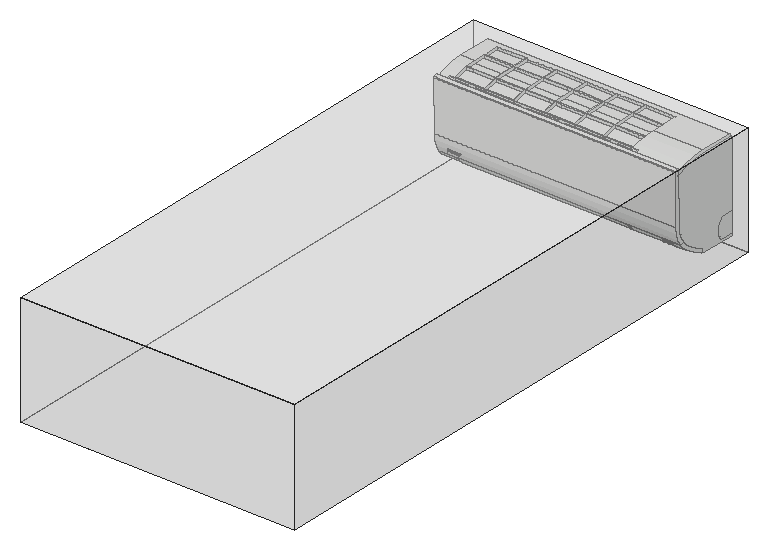
Revit family "outputfile", category 機械設備, Revit 2024
Family settings
  丸型コネクタ寸法 = 半径を使用
  パーツ タイプ = 標準
  OmniClass 番号 = 23.75.10.24.21.27.27
  OmniClass タイトル = Split System Air Conditioning Units
  作業面ベース = いいえ
  常に垂直 = はい
  ロード時にボイドで切り取り = いいえ
  注釈の向きを維持 = いいえ
  共有 = いいえ
  部屋計算ポイント = いいえ
Parameters (values of type "FTKF25CV1MW")
  Description = ""
  書き出し IFC クラス(タイプ) = "IfcUnitaryEquipmentType"
  定義済み IFC タイプ(タイプ) = "AIRCONDITIONINGUNIT"
  Cost = 0
  Type Comments = ""
  Keynote = ""
  Type Image = (empty or 0)
  Assembly Code = ""
  switch_frequency = yes
  lw_connection [instance] = if(Width = 730.0 mm, 85.0 mm, if(Width = 770.0 mm, 48.0 mm, 60.0 mm))  # 85.0 mm
  製造元 = "Daikin"
  モデル = "FTKF25CV1MW"
  r_Liquid Pipe Size = Liquid Pipe Size / 2  # 3.2 mm
  r_Gas Pipe Size = Gas Pipe Size / 2  # 4.75 mm
  r_Drain Pipe Size = Drain Pipe Size / 2  # 9.55 mm
  lw_powersupply [instance] = if(Width = 730.0 mm, if(or(Rear Right Connection_refrigerant, Bottom Right Connection_refrigerant), 65.0 mm, if(or(Rear Left Connection_refrigerant, Bottom Left Connection_refrigerant), 695.0 mm, 400.0 mm)), if(Width = 770.0 mm, if(or(Rear Right Connection_refrigerant, Bottom Right Connection_refrigerant), 68.0 mm, if(or(Rear Left Connection_refrigerant, Bottom Left Connection_refrigerant), 705.0 mm, 400.0 mm)), if(or(Rear Right Connection_refrigerant, Bottom Right Connection_refrigerant), 83.0 mm, if(or(Rear Left Connection_refrigerant, Bottom Left Connection_refrigerant), 928.0 mm, 400.0 mm))))  # 400.0 mm
  lw_liquidpipe [instance] = if(Width = 730.0 mm, if(or(Rear Right Connection_refrigerant, Bottom Right Connection_refrigerant), 0.0 mm, if(or(Rear Left Connection_refrigerant, Bottom Left Connection_refrigerant), 582.0 mm, 473.0 mm)), if(Width = 770.0 mm, if(or(Rear Right Connection_refrigerant, Bottom Right Connection_refrigerant), 0.0 mm, if(or(Rear Left Connection_refrigerant, Bottom Left Connection_refrigerant), 682.0 mm, 385.0 mm)), if(or(Rear Right Connection_refrigerant, Bottom Right Connection_refrigerant), 10.0 mm, if(or(Rear Left Connection_refrigerant, Bottom Left Connection_refrigerant), 858.0 mm, 435.0 mm))))  # 473.0 mm
  lw_gaspipe [instance] = if(Width = 730.0 mm, if(or(Rear Right Connection_refrigerant, Bottom Right Connection_refrigerant), 0.0 mm, if(or(Rear Left Connection_refrigerant, Bottom Left Connection_refrigerant), 576.0 mm, 428.0 mm)), if(Width = 770.0 mm, if(or(Rear Right Connection_refrigerant, Bottom Right Connection_refrigerant), 0.0 mm, if(or(Rear Left Connection_refrigerant, Bottom Left Connection_refrigerant), 675.0 mm, 335.0 mm)), if(or(Rear Right Connection_refrigerant, Bottom Right Connection_refrigerant), 0.0 mm, if(or(Rear Left Connection_refrigerant, Bottom Left Connection_refrigerant), 851.0 mm, 400.0 mm))))  # 428.0 mm
  lw_drainpipe [instance] = if(Width = 730.0 mm, if(or(Rear Right Connection_refrigerant, Bottom Right Connection_refrigerant), 0.0 mm, if(or(Rear Left Connection_refrigerant, Bottom Left Connection_refrigerant), 590.0 mm, 488.0 mm)), if(Width = 770.0 mm, if(or(Rear Right Connection_refrigerant, Bottom Right Connection_refrigerant), 0.0 mm, if(or(Rear Left Connection_refrigerant, Bottom Left Connection_refrigerant), 695.0 mm, 440.0 mm)), if(or(Rear Right Connection_refrigerant, Bottom Right Connection_refrigerant), 0.0 mm, if(or(Rear Left Connection_refrigerant, Bottom Left Connection_refrigerant), 888.0 mm, 475.0 mm))))  # 488.0 mm
  l_powersupply_length [instance] = if(Width = 730.0 mm, if(Right Connection_refrigerant, 400.0 mm, if(Left Connection_refrigerant, 330.0 mm, if(or(Bottom Left Connection_refrigerant, Bottom Right Connection_refrigerant), 57.0 mm, if(or(Rear Left Connection_refrigerant, Rear Right Connection_refrigerant), 15.0 mm, 50.0 mm)))), if(Width = 770.0 mm, if(Right Connection_refrigerant, 400.0 mm, if(Left Connection_refrigerant, 370.0 mm, if(or(Bottom Left Connection_refrigerant, Bottom Right Connection_refrigerant), 57.0 mm, if(or(Rear Left Connection_refrigerant, Rear Right Connection_refrigerant), 15.0 mm, 50.0 mm)))), if(Right Connection_refrigerant, 400.0 mm, if(Left Connection_refrigerant, 590.0 mm, if(or(Bottom Left Connection_refrigerant, Bottom Right Connection_refrigerant), 57.0 mm, if(or(Rear Left Connection_refrigerant, Rear Right Connection_refrigerant), 15.0 mm, 50.0 mm))))))  # 400.0 mm
  l_liquidpipe_length [instance] = if(Width = 730.0 mm, if(Right Connection_refrigerant, 558.0 mm, if(Left Connection_refrigerant, 172.0 mm, if(or(Bottom Left Connection_refrigerant, Bottom Right Connection_refrigerant), 48.0 mm, if(or(Rear Left Connection_refrigerant, Rear Right Connection_refrigerant), 30.0 mm, 40.0 mm)))), if(Width = 770.0 mm, if(Right Connection_refrigerant, 433.0 mm, if(Left Connection_refrigerant, 337.0 mm, if(or(Bottom Left Connection_refrigerant, Bottom Right Connection_refrigerant), 48.0 mm, if(or(Rear Left Connection_refrigerant, Rear Right Connection_refrigerant), 30.0 mm, 40.0 mm)))), if(Right Connection_refrigerant, 495.0 mm, if(Left Connection_refrigerant, 495.0 mm, if(or(Bottom Left Connection_refrigerant, Bottom Right Connection_refrigerant), 48.0 mm, if(or(Rear Left Connection_refrigerant, Rear Right Connection_refrigerant), 30.0 mm, 40.0 mm))))))  # 558.0 mm
  l_gaspipe_length [instance] = if(Width = 730.0 mm, if(Right Connection_refrigerant, 513.0 mm, if(Left Connection_refrigerant, 217.0 mm, if(or(Bottom Left Connection_refrigerant, Bottom Right Connection_refrigerant), 57.0 mm, if(or(Rear Left Connection_refrigerant, Rear Right Connection_refrigerant), 40.0 mm, 50.0 mm)))), if(Width = 770.0 mm, if(Right Connection_refrigerant, 383.0 mm, if(Left Connection_refrigerant, 387.0 mm, if(or(Bottom Left Connection_refrigerant, Bottom Right Connection_refrigerant), 57.0 mm, if(or(Rear Left Connection_refrigerant, Rear Right Connection_refrigerant), 40.0 mm, 50.0 mm)))), if(Right Connection_refrigerant, 460.0 mm, if(Left Connection_refrigerant, 530.0 mm, if(or(Bottom Left Connection_refrigerant, Bottom Right Connection_refrigerant), 57.0 mm, if(or(Rear Left Connection_refrigerant, Rear Right Connection_refrigerant), 40.0 mm, 50.0 mm))))))  # 513.0 mm
  l_drainpipe_length [instance] = if(Width = 730.0 mm, if(Right Connection_refrigerant, 573.0 mm, if(Left Connection_refrigerant, 157.0 mm, if(or(Bottom Left Connection_refrigerant, Bottom Right Connection_refrigerant), 35.0 mm, if(or(Rear Left Connection_refrigerant, Rear Right Connection_refrigerant), 15.0 mm, 20.0 mm)))), if(Width = 770.0 mm, if(Right Connection_refrigerant, 488.0 mm, if(Left Connection_refrigerant, 282.0 mm, if(or(Bottom Left Connection_refrigerant, Bottom Right Connection_refrigerant), 35.0 mm, if(or(Rear Left Connection_refrigerant, Rear Right Connection_refrigerant), 15.0 mm, 20.0 mm)))), if(Right Connection_refrigerant, 535.0 mm, if(Left Connection_refrigerant, 455.0 mm, if(or(Bottom Left Connection_refrigerant, Bottom Right Connection_refrigerant), 35.0 mm, if(or(Rear Left Connection_refrigerant, Rear Right Connection_refrigerant), 15.0 mm, 20.0 mm))))))  # 573.0 mm
  h*** = 0.0 mm  # constant formula
  connector_voltage = Voltage_50Hz  # 230 V
  connector_powerinput = [Power Input (Cooling)]  # 0.860 kW
  connector_phase = Phase_50Hz  # 1
  angle_vertical [instance] = if(or(Bottom Left Connection_refrigerant, Bottom Right Connection_refrigerant), 0.00°, 90.00°)  # 90.00°
  angle_horizontal [instance] = if(Right Connection_refrigerant, 90.00°, if(Left Connection_refrigerant, -90.00°, if(or(Rear Left Connection_refrigerant, Rear Right Connection_refrigerant), 180.00°, 0.00°)))  # 90.00°
  Width = 730.0 mm
  Voltage_comment_50Hz = "220 - 240"
  Voltage_50Hz = 230 V
  Version = "ver.1.0"
  Unit Type = "Wall Mounted"
  Unit Mass Weight = 8.50 kg
  Unit Designation [instance] = ""
  Uniclass2015Version = "Products v1.30"
  Uniclass2015Title = "Split coil room air conditioning units"
  Uniclass2015Code = "Pr_70_65_03_86"
  URL = ""
  Total Cooling Capacity [instance] = 0.000 kW
  Sound Pressure Level_M speed (dBA) = 33
  Sound Pressure Level_L speed (dBA) = 26
  Sound Pressure Level_H speed (dBA) = 39
  Sound Power Level_H speed (dB) = 0
  Series = "Single Split_Fan Coil Unit"
  Sensible Cooling Capacity [instance] = 0.000 kW
  Refrigerant Type = "R32"
  Power Input (Cooling) = 0.860 kW
  Phase_50Hz = 1
  Option Accessory 3 [instance] = ""
  Option Accessory 2 [instance] = ""
  Option Accessory 1 [instance] = ""
  Nominal Cooling Capacity = 2.640 kW
  Minimum Circuit Amps_50Hz = 10.7 A
  Minimum Airflow = 348.00 m³/h
  Median Airflow = 442.00 m³/h
  Maximum Fuse Amps_50Hz = 16.0 A
  Maximum Airflow = 578.00 m³/h
  Material_Casing = DAIKIN_White_Casing_indoorunit
  Load Classification = HVAC
  Liquid Pipe Size = 6.4 mm
  Link_Nested Family [instance] = ""
  IfcVersion = ""
  IfcExportType = "AIRCONDITIONINGUNIT"
  IfcExportAs = "IfcUnitaryEquipmentType"
  Height = 280.0 mm
  Heat Exchanger Type = "Cross Fin Coil"
  Gas Pipe Size = 9.5 mm
  Frequency_50Hz = 50 Hz
  Fan Type = "Cross Flow Fan"
  Fan Drive = "-"
  FCU Tag No. [instance] = ""
  Drain Pipe Size = 19.1 mm
  Design Supply Airflow [instance] = 0.00 m³/h
  Depth = 213.0 mm
  既定の高さ = 0.0 mm
  Cooling Entering Wet Bulb Temperature [instance] = 0.00 °C
  Cooling Entering Dry Bulb Temperature [instance] = 0.00 °C
  Cooling Ambient Wet Bulb Temperature [instance] = 0.00 °C
  Cooling Ambient Dry Bulb Temperature [instance] = 0.00 °C
  Clearance visibility [instance] = yes
  Clearance Top = 30.0 mm
  Clearance Right = 50.0 mm
  Clearance Rear = 0.0 mm
  Clearance Left = 50.0 mm
  Clearance Front = 1500.0 mm
  Clearance Bottom = 30.0 mm
  Bottom Right Connection_refrigerant [instance] = no
  Bottom Left Connection_refrigerant [instance] = no
  Rear Right Connection_refrigerant [instance] = no
  Rear Left Connection_refrigerant [instance] = no
  Right Connection_refrigerant [instance] = yes
  Left Connection_refrigerant [instance] = no
Reference planes
  plane 1 "Back": y = 0
  plane 2: z = 0
  plane 3 "Center (Left/Right)": x = 0
  plane 4 "Center (Front/Back)": y = -106.5
  plane 5 "Front": y = -213
  plane 6 "Left": x = -365
  plane 7 "Right": x = 365
  plane 8 "Top": z = 0
  plane 9 "Bottom": z = -280
  plane 10 "Front panel_Left": x = -363
  plane 11 "Front panel_Right": x = 363
  plane 12: x = 229
  plane 13: x = 224
  plane 14: x = -415
  plane 15: x = 415
  plane 16: y = 0
  plane 17: y = -213
  plane 18: z = 30
  plane 19: z = -310
  plane 20 "lw_Piping and Wiring intake": x = 280
  plane 21 "lw_gaspipe": x = -148
  plane 22 "lw_liquidpipe": x = -193
  plane 23 "lw_drainpipe": x = -208
  plane 24 "lh_drainpipe": z = -245
  plane 25 "lh_liquidpipe": z = -232
  plane 26 "lh_gaspipe": z = -223
  plane 27 "ld_drainpipe": y = -15
  plane 28 "ld_liquidpipe": y = -30
  plane 29 "ld_gaspipe": y = -40
  plane 30 "lw_powersupply": x = -35
  plane 31: y = -1713
Dimensions and locks
  equal spacing: plane 6 "Left", plane 3 "Center (Left/Right)", plane 7 "Right"
  "Width": plane 6 "Left" to plane 7 "Right"
  equal spacing: plane 5 "Front", plane 4 "Center (Front/Back)", plane 1 "Back"
  "Depth": plane 5 "Front" to plane 1 "Back"
  "Height": plane 8 "Top" to plane 9 "Bottom"
  locked: plane 10 "Front panel_Left" to plane 6 "Left" at 2
  locked: plane 7 "Right" to plane 11 "Front panel_Right" at 2
  locked: plane 7 "Right" to plane 12 at 136
  locked: plane 12 to plane 13 at 5
  "Clearance Rear": plane 16 to plane 1 "Back"
  "Clearance Top": plane 18 to plane 8 "Top"
  "Clearance Bottom": plane 9 "Bottom" to plane 19
  "lw_connection": plane 20 "lw_Piping and Wiring intake" to plane 7 "Right"
  "lw_gaspipe": plane 21 "lw_gaspipe" to plane 20 "lw_Piping and Wiring intake"
  "lw_liquidpipe": plane 22 "lw_liquidpipe" to plane 20 "lw_Piping and Wiring intake"
  "lw_drainpipe": plane 23 "lw_drainpipe" to plane 20 "lw_Piping and Wiring intake"
  locked: plane 24 "lh_drainpipe" to plane 9 "Bottom" at 35
  locked: plane 25 "lh_liquidpipe" to plane 9 "Bottom" at 48
  locked: plane 26 "lh_gaspipe" to plane 9 "Bottom" at 57
  locked: plane 27 "ld_drainpipe" to plane 1 "Back" at 15
  locked: plane 1 "Back" to plane 28 "ld_liquidpipe" at 30
  locked: plane 1 "Back" to plane 29 "ld_gaspipe" at 40
  "lw_powersupply": plane 30 "lw_powersupply" to plane 7 "Right"
  "Clearance Left": plane 14 to plane 6 "Left"
  "Clearance Right": plane 7 "Right" to plane 15
  "Clearance Front": plane 5 "Front" to plane 31
  aligned and locked: level to plane 2
  aligned and locked: plane 16 to nested 1
  aligned and locked: nested 1 to plane 14
  aligned and locked: nested 1 to plane 15
  aligned and locked: plane 19 to nested 1
  aligned and locked: plane 18 to nested 1
  aligned and locked: plane 21 "lw_gaspipe" to nested 2
  aligned and locked: nested 2 to plane 29 "ld_gaspipe"
  aligned and locked: plane 22 "lw_liquidpipe" to nested 3
  aligned and locked: nested 3 to plane 28 "ld_liquidpipe"
  aligned and locked: plane 23 "lw_drainpipe" to nested 4
  aligned and locked: nested 4 to plane 27 "ld_drainpipe"
  aligned and locked: nested 5 to plane 27 "ld_drainpipe"
  aligned and locked: plane 30 "lw_powersupply" to nested 5
  aligned and locked: level to plane 8 "Top"
  aligned and locked: nested 1 to plane 31
Nested families
  nested 1: "daikin_clearancespace" at (0, -856.5, -139.881), show <- "Clearance visibility", visible <- "Clearance visibility", Link_Nested Family <- "Link_Nested Family", type "daikin_clearancespace"
    with width 830.0 mm, show yes, height 340.0 mm, depth 1713.0 mm, Link_Nested Family ""
  nested 2: "daikin_connector_rotate3" at (-148, -40, -223), angle_vertical <- "angle_vertical", angle_horizontal <- "angle_horizontal", length <- "l_gaspipe_length", radius <- "r_Gas Pipe Size", type "daikin_connector_rotate3"
    with show no, radius 4.75 mm, length 513.0 mm, angle_vertical 90.00°, angle_horizontal 90.00°
  nested 3: "daikin_connector_rotate3" at (-193, -30, -232), angle_vertical <- "angle_vertical", angle_horizontal <- "angle_horizontal", radius <- "r_Liquid Pipe Size", length <- "l_liquidpipe_length", type "daikin_connector_rotate3"
    with show no, radius 3.2 mm, length 558.0 mm, angle_vertical 90.00°, angle_horizontal 90.00°
  nested 4: "daikin_connector_rotate3" at (-208, -15, -245), angle_vertical <- "angle_vertical", angle_horizontal <- "angle_horizontal", length <- "l_drainpipe_length", radius <- "r_Drain Pipe Size", type "daikin_connector_rotate3"
    with show no, radius 9.55 mm, length 573.0 mm, angle_vertical 90.00°, angle_horizontal 90.00°
  nested 5: "daikin_connector_rotate3" at (-35, -15, -223), angle_vertical <- "angle_vertical", angle_horizontal <- "angle_horizontal", length <- "l_powersupply_length", type "daikin_connector_rotate3"
    with show no, radius 10.0 mm, length 400.0 mm, angle_vertical 90.00°, angle_horizontal 90.00°
  nested 6: "DAIKIN_indoorunit_FTKF-CV1MW" at (-31, 0, 0), type "FTKF--CV1MW"
Connectors
  piping at (365, -40, -223), diameter 9.5, driven by "r_Gas Pipe Size"
    settings: on nested 2, index 1, connector inside diameter 609.6 mm, connector length 0.0 mm, flow factor 0, pipe flow 0.00 m³/h, pressure drop 0.0 Pa, fitting loss kfactor 0, connector angle 0.00°, fixture units 0, engagement length 0.0 mm, angle of deflection 0.00°, flow configuration 1, flow direction 2, fitting loss method 0, system type 29, joint type 0, gender type 0, connector reference index -1, connector utility 0, adjustable connector no, is connector primary yes, connector description "Refrigerant Gas Piping"
  piping at (365, -30, -232), diameter 6.4, driven by "r_Liquid Pipe Size"
    settings: on nested 3, index 2, connector inside diameter 609.6 mm, connector length 0.0 mm, flow factor 0, pipe flow 0.00 m³/h, pressure drop 0.0 Pa, fitting loss kfactor 0, connector angle 0.00°, fixture units 0, engagement length 0.0 mm, angle of deflection 0.00°, flow configuration 1, flow direction 1, fitting loss method 0, system type 29, joint type 0, gender type 0, connector reference index -1, connector utility 0, adjustable connector no, is connector primary no, connector description "Refrigerant Liquid Piping"
  piping at (365, -15, -245), diameter 19.1, driven by "r_Drain Pipe Size"
    settings: on nested 4, index 3, connector inside diameter 609.6 mm, connector length 0.0 mm, flow factor 0, pipe flow 0.00 m³/h, pressure drop 0.0 Pa, fitting loss kfactor 0, connector angle 0.00°, fixture units 0, engagement length 0.0 mm, angle of deflection 0.00°, flow configuration 1, flow direction 2, fitting loss method 4, system type 16, joint type 0, gender type 0, connector reference index -1, connector utility 0, adjustable connector no, is connector primary no, connector description "Condensate Drain Piping"
  electrical at (365, -15, -223), driven by "Load Classification", driven by "connector_powerinput", driven by "connector_phase", driven by "connector_voltage"
    settings: on nested 5, index 4, voltage 230 V, apparent load 860 VA, apparent load phase1 0 VA, apparent load phase2 0 VA, apparent load phase3 0 VA, power factor 1, load classification "HVAC", number of poles 1, system type 30, power factor state 1, is connector primary yes, connector utility no, sub classification motor no, connector description "Power Supply"
Definition of nested family "daikin_clearancespace"
  Parameters (values of type "daikin_clearancespace")
    Description = "daikin_clearancespace"
    width [instance] = 1823.963 mm
    show [instance] = yes
    material = none
    height [instance] = 1359.762 mm
    depth [instance] = 880.0 mm
    Default Elevation = 0.0 mm
    Link_Nested Family [instance] = ""
  Reference planes
    plane 1 "Center (Front/Back)": y = 0
    plane 2 "Center (Elevation)": z = -0.119
    plane 3 "Center (Left/Right)": x = 0
    plane 4: y = 440
    plane 5: y = -440
    plane 6 "Right": x = 911.982
    plane 7 "Left": x = -911.982
    plane 8 "Top": z = 679.762
    plane 9 "Bottom": z = -680
  Forms (mm)
    Extrusion 1, solid, material <- "material", visible <- "show"
      sketch origin (0, 0, 0) x (1, 0, 0) y (0, 1, 0)
        loop
          line (-911.982, 440) -> (-911.982, -440) -> (911.982, -440) -> (911.982, 440) -> (-911.982, 440)
      from -680 to 679.762
  Lines and regions (mm)
    symbolic lines, visible <- "show"
      curve 1: line (911.982, 440, 0) -> (-911.982, 440, 0)
      curve 2: line (-911.982, 440, 0) -> (-911.982, -440, 0)
      curve 3: line (-911.982, -440, 0) -> (911.982, -440, 0)
      curve 4: line (911.982, -440, 0) -> (911.982, 440, 0)
      curve 5: line (911.982, 0, 679.762) -> (-911.982, 0, 679.762)
      curve 6: line (911.982, 0, -680) -> (911.982, 0, 679.762)
      curve 7: line (-911.982, 0, -680) -> (911.982, 0, -680)
      curve 8: line (-911.982, 0, 679.762) -> (-911.982, 0, -680)
      curve 9: line (0, 440, 679.762) -> (0, -440, 679.762)
      curve 10: line (0, -440, 679.762) -> (0, -440, -680)
      curve 11: line (0, 440, -680) -> (0, 440, 679.762)
      curve 12: line (0, -440, -680) -> (0, 440, -680)
  Dimensions and locks
    "width": plane 7 "Left" to plane 6 "Right"
    "depth": plane 4 to plane 5
    "height": plane 8 "Top" to plane 9 "Bottom"
    equal spacing: plane 7 "Left", plane 3 "Center (Left/Right)", plane 6 "Right"
    equal spacing: plane 4, plane 1 "Center (Front/Back)", plane 5
    equal spacing: plane 8 "Top", plane 2 "Center (Elevation)", plane 9 "Bottom"
    aligned and locked: level to plane 2 "Center (Elevation)"
    aligned and locked: Extrusion 1 sketch curve to plane 4
    aligned and locked: plane 7 "Left" to Extrusion 1 sketch curve
    aligned and locked: Extrusion 1 sketch curve to plane 5
    aligned and locked: Extrusion 1 sketch curve to plane 6 "Right"
    aligned and locked: plane 8 "Top" to Extrusion 1
    aligned and locked: curve 1 to Extrusion 1
    aligned and locked: curve 2 to Extrusion 1
    aligned and locked: curve 3 to Extrusion 1
    aligned and locked: curve 4 to Extrusion 1
    aligned and locked: curve 5 to Extrusion 1
    aligned and locked: curve 6 to Extrusion 1
    aligned and locked: curve 7 to Extrusion 1
    aligned and locked: curve 8 to Extrusion 1
    aligned and locked: curve 9 to Extrusion 1
    aligned and locked: curve 10 to Extrusion 1
    aligned and locked: curve 11 to Extrusion 1
    aligned and locked: curve 12 to Extrusion 1
    aligned and locked: Extrusion 1 to plane 9 "Bottom"
Definition of nested family "DAIKIN_indoorunit_FTKF-CV1MW"
  Parameters (values of type "FTKF-AV14")
    switch_unit1_60 = Width = 990.0 mm  # no
    switch_unit1_35-50 = Width = 770.0 mm  # no
    switch_unit1_25 = Width = 730.0 mm  # yes
    Width = 730.0 mm
    WALL HOLE-R = if(Width = 730.0 mm, 79.0 mm, 48.0 mm)  # 79.0 mm
    Material_Casing = none
    Height = if(Width = 730.0 mm, 280.0 mm, if(Width = 770.0 mm, 288.0 mm, 297.0 mm))  # 280.0 mm
    Default Elevation = 0.0 mm
  Reference planes
    plane 1 "Center (Front/Back)": y = 0
    plane 2 "reference_level": z = 0
    plane 3 "Center (Left/Right)": x = 31
    plane 4: x = -334
    plane 5: x = 396
    plane 6: z = -280
  Forms (mm)
    Extrusion 1, solid, material <- "Material_Casing", visible <- "switch_unit1_25"
      sketch origin (31, 0, 0) x (0, 1, 0) y (0, 0, 1)
        loop
          line (-109.519, -8) -> (-2.596, -8) -> (-8.198, 0) -> (-109.608, 0)
          arc (-109.608, 0) -> (-157.226, -5.2) -> (-202.599, -20.555) r 220.623
          line (-202.599, -20.555) -> (-202.447, -29.25)
          arc (-202.447, -29.25) -> (-157.182, -13.38) -> (-109.519, -8) r 213.82
      from -365 to 365
    Extrusion 2, solid, material <- "Material_Casing", visible <- "switch_unit1_25"
      sketch origin (416, 1304.033, 1200.206) x (0, 1, 0) y (0, 0, 1)
        loop
          arc (-1496.513, -1423.164) -> (-1487.225, -1434.204) -> (-1476.373, -1443.711) r 95
          arc (-1476.373, -1443.711) -> (-1448.371, -1461.92) -> (-1418.191, -1476.232) r 250
          line (-1418.191, -1476.232) -> (-1418.191, -1465.318)
          arc (-1418.191, -1465.318) -> (-1445.052, -1452.134) -> (-1470.063, -1435.711) r 240
          arc (-1470.063, -1435.711) -> (-1477.766, -1429.186) -> (-1484.641, -1421.794) r 85
          line (-1484.641, -1421.794) -> (-1496.513, -1423.164)
      from -20 to -177
    Extrusion 3, solid, material <- "Material_Casing", visible <- "switch_unit1_25"
      sketch origin (31, 0, 0) x (0, 1, 0) y (0, 0, 1)
        loop
          line (-202.769, -10.816) -> (-211.618, -13.692)
          arc (-211.618, -13.692) -> (-212.628, -14.432) -> (-213, -15.629) r 2
          line (-213, -15.629) -> (-210.348, -167.5)
          arc (-210.348, -167.5) -> (-206.029, -195.818) -> (-193.465, -221.562) r 95
          line (-193.465, -221.562) -> (-181.653, -220.199)
          arc (-181.653, -220.199) -> (-195.31, -195.356) -> (-200.037, -167.403) r 85
          line (-200.037, -167.403) -> (-202.769, -10.816)
      from -365 to 365
    Extrusion 4, solid, material <- "Material_Casing", visible <- "switch_unit1_25"
      sketch origin (31, 0, 0) x (0, 1, 0) y (0, 0, 1)
        loop
          line (0, -280) -> (0, -11.707) -> (-2.596, -8) -> (-109.519, -8)
          arc (-109.519, -8) -> (-156.378, -13.198) -> (-200.959, -28.539) r 213.82
          line (-200.959, -28.539) -> (-198.537, -167.295)
          arc (-198.537, -167.295) -> (-189.766, -204.754) -> (-165.131, -234.305) r 83.5
          arc (-165.131, -234.305) -> (-139.841, -250.873) -> (-112.659, -264.109) r 238.5
          line (-112.659, -264.109) -> (-112.659, -276.338)
          arc (-112.659, -276.338) -> (-100.834, -279.079) -> (-88.731, -280) r 80
          line (-88.731, -280) -> (0, -280)
      from -365 to 365
    Extrusion 5, solid, material <- "Material_Casing", visible <- "switch_unit1_25"
      sketch origin (-354, 1304.033, 1200.206) x (0, 1, 0) y (0, 0, 1)
        loop
          arc (-1496.513, -1423.164) -> (-1487.225, -1434.204) -> (-1476.373, -1443.711) r 95
          arc (-1476.373, -1443.711) -> (-1448.371, -1461.92) -> (-1418.191, -1476.232) r 250
          line (-1418.191, -1476.232) -> (-1418.191, -1465.318)
          arc (-1418.191, -1465.318) -> (-1445.052, -1452.134) -> (-1470.063, -1435.711) r 240
          arc (-1470.063, -1435.711) -> (-1477.766, -1429.186) -> (-1484.641, -1421.794) r 85
          line (-1484.641, -1421.794) -> (-1496.513, -1423.164)
      from 72 to 20
    Extrusion 6, solid, material <- "Material_Casing", visible <- "switch_unit1_25"
      sketch origin (31, 7.782, 0.206) x (0, 1, 0) y (0, 0, 1)
        loop
          line (-188.39, -221.794) -> (-200.262, -223.164)
          arc (-200.262, -223.164) -> (-190.975, -234.204) -> (-180.122, -243.711) r 95
          arc (-180.122, -243.711) -> (-152.12, -261.92) -> (-121.941, -276.232) r 250
          line (-121.941, -276.232) -> (-121.941, -265.318)
          arc (-121.941, -265.318) -> (-148.801, -252.134) -> (-173.813, -235.711) r 240
          arc (-173.813, -235.711) -> (-181.515, -229.186) -> (-188.39, -221.794) r 85
      from 204 to -309
    Extrusion 7, void
      sketch origin (31, 0, -235) x (1, 0, 0) y (0, 1, 0)
        loop
          line (-324.633, -72.419) -> (-304, -73.5) -> (-234.9, -73.5) -> (-234.9, -24.5) -> (-324.633, -24.5) -> (-324.633, -72.419)
        loop
          line (-304, -74.9) -> (-324.633, -75.939) -> (-324.633, -139.819) -> (-304, -140.9) -> (-234.9, -140.9) -> (-234.9, -74.9) -> (-304, -74.9)
        loop
          line (-304, -142.3) -> (-324.633, -143.326) -> (-324.633, -182.209) -> (-300, -183.5) -> (-234.9, -183.5) -> (-234.9, -142.3) -> (-304, -142.3)
        loop
          line (-233.5, -142.3) -> (-233.5, -183.5) -> (-146.9, -183.5) -> (-146.9, -142.3) -> (-233.5, -142.3)
        loop
          line (-233.5, -140.9) -> (-146.9, -140.9) -> (-146.9, -74.9) -> (-233.5, -74.9) -> (-233.5, -140.9)
        loop
          line (-233.5, -73.5) -> (-146.9, -73.5) -> (-146.9, -24.5) -> (-233.5, -24.5) -> (-233.5, -73.5)
        loop
          line (-145.5, -73.5) -> (-74.9, -73.5) -> (-54.9, -72.452) -> (-54.9, -24.5) -> (-145.5, -24.5) -> (-145.5, -73.5)
        loop
          line (-145.5, -74.9) -> (-145.5, -140.9) -> (-74.9, -140.9) -> (-54.9, -139.852) -> (-54.9, -75.948) -> (-74.9, -74.9) -> (-145.5, -74.9)
        loop
          line (-145.5, -142.3) -> (-145.5, -183.5) -> (-74.9, -183.5) -> (-54.9, -182.452) -> (-54.9, -143.348) -> (-74.9, -142.3) -> (-145.5, -142.3)
        loop
          line (-53.5, -24.5) -> (-53.5, -72.452) -> (-33.5, -73.5) -> (36.5, -73.5) -> (36.5, -24.5) -> (-53.5, -24.5)
        loop
          line (-53.5, -75.948) -> (-53.5, -139.852) -> (-33.5, -140.9) -> (36.5, -140.9) -> (36.5, -74.9) -> (-33.5, -74.9) -> (-53.5, -75.948)
        loop
          line (-33.5, -142.3) -> (-53.5, -143.348) -> (-53.5, -182.452) -> (-33.5, -183.5) -> (36.5, -183.5) -> (36.5, -142.3) -> (-33.5, -142.3)
        loop
          line (37.9, -24.5) -> (37.9, -73.5) -> (124.9, -73.5) -> (124.9, -24.5) -> (37.9, -24.5)
        loop
          line (37.9, -74.9) -> (37.9, -140.9) -> (124.9, -140.9) -> (124.9, -74.9) -> (37.9, -74.9)
        loop
          line (37.9, -142.3) -> (37.9, -183.5) -> (124.9, -183.5) -> (124.9, -142.3) -> (37.9, -142.3)
        loop
          line (126.3, -24.5) -> (126.3, -73.5) -> (195.6, -73.5) -> (216, -72.431) -> (216, -24.5) -> (126.3, -24.5)
        loop
          line (126.3, -74.9) -> (126.3, -140.9) -> (198.5, -140.9) -> (216, -139.983) -> (216, -75.817) -> (198.5, -74.9) -> (126.3, -74.9)
        loop
          line (126.3, -142.3) -> (126.3, -183.5) -> (198.337, -183.5) -> (216, -182.623) -> (216, -143.217) -> (198.5, -142.3) -> (126.3, -142.3)
      from 201.638 to 250
    Extrusion 8, solid, material <- "Material_Casing"
      sketch origin (31, 0, 0) x (1, 0, 0) y (0, 0, 1)
        loop
          circle (286, -235) r 40
        loop
          circle (-317, -235) r 40
      from 0 to 5
    Extrusion 9, solid, material <- "Material_Casing", visible <- "switch_unit1_25"
      sketch origin (396, 1296.25, 1200) x (0, -1, 0) y (0, 0, 1)
        loop
          line (1326.25, -1413) -> (1296.25, -1413) -> (1296.25, -1473) -> (1326.25, -1473)
          arc (1326.25, -1473) -> (1340.393, -1467.142) -> (1346.25, -1453) r 20
          line (1346.25, -1453) -> (1346.25, -1433)
          arc (1346.25, -1433) -> (1340.393, -1418.858) -> (1326.25, -1413) r 20
      from 0 to 5
    Extrusion 10, solid, material <- "Material_Casing", visible <- "switch_unit1_25"
      sketch origin (-334, 1296.25, 1200) x (0, 1, 0) y (0, 0, 1)
        loop
          line (-1296.25, -1413) -> (-1326.25, -1413)
          arc (-1326.25, -1413) -> (-1340.393, -1418.858) -> (-1346.25, -1433) r 20
          line (-1346.25, -1433) -> (-1346.25, -1453)
          arc (-1346.25, -1453) -> (-1340.393, -1467.142) -> (-1326.25, -1473) r 20
          line (-1326.25, -1473) -> (-1296.25, -1473) -> (-1296.25, -1413)
      from 0 to 5
    Extrusion 11, solid, material <- "Material_Casing", visible <- "switch_unit1_25"
      sketch origin (11, 0, -285) x (-1, 0, 0) y (0, -1, 0)
        loop
          line (-279, 0) -> (-279, 30)
          arc (-279, 30) -> (-284.419, 43.081) -> (-297.5, 48.5) r 18.5
          line (-297.5, 48.5) -> (-320.5, 48.5)
          arc (-320.5, 48.5) -> (-333.581, 43.081) -> (-339, 30) r 18.5
          line (-339, 30) -> (-339, 0) -> (-279, 0)
        loop
          line (326, 0) -> (326, 30)
          arc (326, 30) -> (320.581, 43.081) -> (307.5, 48.5) r 18.5
          line (307.5, 48.5) -> (284.5, 48.5)
          arc (284.5, 48.5) -> (271.419, 43.081) -> (266, 30) r 18.5
          line (266, 30) -> (266, 0) -> (326, 0)
      from 10 to 5
    Extrusion 12, solid, material <- "Material_Casing", visible <- "switch_unit1_35-50"
      sketch origin (31, 0, 0) x (0, 1, 0) y (0, 0, 1)
        loop
          line (-5, 0) -> (-45.84, 0)
          arc (-45.84, 0) -> (-135.906, -3.965) -> (-225.275, -15.831) r 1024.823
          arc (-225.275, -15.831) -> (-224.639, -21.302) -> (-223.878, -26.758) r 241.564
          arc (-223.878, -26.758) -> (-135.207, -14.947) -> (-45.84, -11) r 1013.66
          line (-45.84, -11) -> (0, -11) -> (0, -9.02) -> (-5, 0)
      from -385 to 385
    Extrusion 13, solid, material <- "Material_Casing", visible <- "switch_unit1_35-50"
      sketch origin (31, 0, 0) x (0, 1, 0) y (0, 0, 1)
        loop
          arc (-226.673, -12.416) -> (-229.519, -12.929) -> (-232.363, -13.449) r 1025.776
          arc (-232.363, -13.449) -> (-233.586, -14.198) -> (-233.994, -15.573) r 2
          line (-233.994, -15.573) -> (-218.08, -217.408)
          arc (-218.08, -217.408) -> (-211.296, -237.286) -> (-195.807, -251.472) r 42.415
          line (-195.807, -251.472) -> (-186.556, -243.946)
          arc (-186.556, -243.946) -> (-193.981, -235.221) -> (-197.648, -224.366) r 30.386
          line (-197.648, -224.366) -> (-226.673, -12.416)
      from -385 to 385
    Extrusion 14, void
      sketch origin (33, 0, 0) x (1, 0, 0) y (0, 1, 0)
        loop
          line (-357.499, -23.5) -> (-357.499, -96.7) -> (-255.999, -96.7) -> (-255.999, -23.5) -> (-357.499, -23.5)
        loop
          line (-255.999, -99.1) -> (-357.499, -99.1) -> (-357.499, -170.1) -> (-255.999, -170.1) -> (-255.999, -99.1)
        loop
          line (-255.999, -171.7) -> (-357.499, -171.7) -> (-357.499, -201.7) -> (-255.999, -201.7) -> (-255.999, -171.7)
        loop
          line (-253.399, -23.5) -> (-253.399, -96.7) -> (-153.899, -96.7) -> (-153.899, -23.5) -> (-253.399, -23.5)
        loop
          line (-253.399, -99.1) -> (-253.399, -170.1) -> (-153.899, -170.1) -> (-153.899, -99.1) -> (-253.399, -99.1)
        loop
          line (-153.899, -171.7) -> (-253.399, -171.7) -> (-253.399, -201.7) -> (-153.899, -201.7) -> (-153.899, -171.7)
        loop
          line (-56.549, -23.5) -> (-151.299, -23.5) -> (-151.299, -96.7) -> (-56.549, -96.7) -> (-56.549, -23.5)
        loop
          line (-151.299, -99.1) -> (-151.299, -170.1) -> (-56.549, -170.1) -> (-56.549, -99.1) -> (-151.299, -99.1)
        loop
          line (-56.549, -171.7) -> (-151.299, -171.7) -> (-151.299, -201.7) -> (-56.549, -201.7) -> (-56.549, -171.7)
        loop
          line (50.301, -23.5) -> (-44.549, -23.5) -> (-44.549, -96.7) -> (50.301, -96.7) -> (50.301, -23.5)
        loop
          line (-44.549, -99.1) -> (-44.549, -170.1) -> (50.301, -170.1) -> (50.301, -99.1) -> (-44.549, -99.1)
        loop
          line (50.301, -171.7) -> (-44.549, -171.7) -> (-44.549, -201.7) -> (50.301, -201.7) -> (50.301, -171.7)
        loop
          line (52.901, -23.5) -> (52.901, -96.7) -> (152.401, -96.7) -> (152.401, -23.5) -> (52.901, -23.5)
        loop
          line (52.901, -99.1) -> (52.901, -170.1) -> (152.401, -170.1) -> (152.401, -99.1) -> (52.901, -99.1)
        loop
          line (52.901, -171.7) -> (52.901, -201.7) -> (152.401, -201.7) -> (152.401, -171.7) -> (52.901, -171.7)
        loop
          line (155.001, -23.5) -> (155.001, -96.7) -> (256.501, -96.7) -> (256.501, -23.5) -> (155.001, -23.5)
        loop
          line (155.001, -99.1) -> (155.001, -170.1) -> (217.501, -170.1) -> (229.501, -170.1) -> (241.501, -170.1) -> (256.501, -170.1) -> (256.501, -152.1) -> (256.501, -134.1) -> (256.501, -116.1) -> (256.501, -99.1) -> (241.501, -99.1) -> (229.501, -99.1) -> (217.501, -99.1) -> (155.001, -99.1)
        loop
          line (155.001, -171.7) -> (155.001, -201.7) -> (217.501, -201.7) -> (229.501, -201.7) -> (241.501, -201.7) -> (256.501, -201.7) -> (256.501, -171.7) -> (241.501, -171.7) -> (229.501, -171.7) -> (217.501, -171.7) -> (155.001, -171.7)
      from -40.013 to 47.268
    Extrusion 15, solid, material <- "Material_Casing", visible <- "switch_unit1_35-50"
      sketch origin (-356, 1308.25, 1200) x (0, 1, 0) y (0, 0, -1)
        loop
          line (-1407.524, 1473.254) -> (-1407.524, 1484.154)
          arc (-1407.524, 1484.154) -> (-1456.679, 1472.122) -> (-1503.106, 1451.987) r 299.52
          line (-1503.106, 1451.987) -> (-1494.032, 1444.604)
          arc (-1494.032, 1444.604) -> (-1451.915, 1462.363) -> (-1407.524, 1473.254) r 288.723
      from -2 to -49.5
    Extrusion 16, solid, material <- "Material_Casing", visible <- "switch_unit1_35-50"
      sketch origin (418, 1308.25, 1200) x (0, 1, 0) y (0, 0, 1)
        loop
          arc (-1407.524, -1473.254) -> (-1451.915, -1462.363) -> (-1494.032, -1444.604) r 288.723
          line (-1494.032, -1444.604) -> (-1503.106, -1451.987)
          arc (-1503.106, -1451.987) -> (-1456.679, -1472.122) -> (-1407.524, -1484.154) r 299.52
          line (-1407.524, -1484.154) -> (-1407.524, -1473.254)
      from -2 to -119.5
    Extrusion 17, solid, material <- "Material_Casing", visible <- "switch_unit1_35-50"
      sketch origin (418, 1308.25, 1200) x (0, 1, 0) y (0, 0, 1)
        loop
          line (-1407.524, -1484.154) -> (-1407.524, -1473.254)
          arc (-1407.524, -1473.254) -> (-1451.915, -1462.363) -> (-1494.032, -1444.604) r 288.723
          line (-1494.032, -1444.604) -> (-1503.106, -1451.987)
          arc (-1503.106, -1451.987) -> (-1456.679, -1472.122) -> (-1407.524, -1484.154) r 299.52
      from -119.5 to -724.5
    Extrusion 18, solid, material <- "Material_Casing", visible <- "switch_unit1_35-50"
      sketch origin (31, 0, -30) x (0, 1, 0) y (0, 0, 1)
        loop
          arc (-45.84, 19) -> (-135.218, 15.052) -> (-223.901, 3.238) r 1013.66
          line (-223.901, 3.238) -> (-196.855, -194.257)
          arc (-196.855, -194.257) -> (-192.985, -205.344) -> (-185.107, -214.052) r 29.589
          arc (-185.107, -214.052) -> (-142.926, -231.76) -> (-98.473, -242.568) r 288.081
          line (-98.473, -242.568) -> (-98.525, -254.271)
          arc (-98.525, -254.271) -> (-75.337, -257.066) -> (-52, -258) r 292.099
          line (-52, -258) -> (0, -258) -> (0, 19) -> (-45.84, 19)
      from -385 to 385
    Extrusion 19, solid, material <- "Material_Casing", visible <- "switch_unit1_35-50"
      sketch origin (416, 1296.25, 1200) x (0, -1, 0) y (0, 0, 1)
        loop
          line (1329.05, -1409.6) -> (1296.25, -1409.6) -> (1296.25, -1469.6) -> (1329.05, -1469.6)
          arc (1329.05, -1469.6) -> (1342.627, -1463.976) -> (1348.25, -1450.4) r 19.2
          line (1348.25, -1450.4) -> (1348.25, -1428.8)
          arc (1348.25, -1428.8) -> (1342.627, -1415.224) -> (1329.05, -1409.6) r 19.2
      from 0 to 5
    Extrusion 20, solid, material <- "Material_Casing", visible <- "switch_unit1_35-50"
      sketch origin (-349, 1296.25, 1200) x (0, -1, 0) y (0, 0, 1)
        loop
          line (1329.05, -1409.6) -> (1296.25, -1409.6) -> (1296.25, -1469.6) -> (1329.05, -1469.6)
          arc (1329.05, -1469.6) -> (1342.627, -1463.976) -> (1348.25, -1450.4) r 19.2
          line (1348.25, -1450.4) -> (1348.25, -1428.8)
          arc (1348.25, -1428.8) -> (1342.627, -1415.224) -> (1329.05, -1409.6) r 19.2
      from 0 to 5
    Extrusion 21, solid, material <- "Material_Casing", visible <- "switch_unit1_35-50"
      sketch origin (31, 200, -288) x (-1, 0, 0) y (0, -1, 0)
        loop
          line (369, 200) -> (369, 232)
          arc (369, 232) -> (363.142, 246.142) -> (349, 252) r 20
          line (349, 252) -> (329, 252)
          arc (329, 252) -> (314.858, 246.142) -> (309, 232) r 20
          line (309, 232) -> (309, 200) -> (369, 200)
        loop
          line (-369, 200) -> (-309, 200) -> (-309, 232)
          arc (-309, 232) -> (-314.858, 246.142) -> (-329, 252) r 20
          line (-329, 252) -> (-349, 252)
          arc (-349, 252) -> (-363.142, 246.142) -> (-369, 232) r 20
          line (-369, 232) -> (-369, 200)
      from 0 to 5
    Extrusion 22, void
      sketch origin (0, 0, 0) x (1, 0, 0) y (0, 1, 0)
        loop
          line (-308, -185.757) -> (-308, -202.769) -> (262, -202.769) -> (262, -185.757) -> (-308, -185.757)
      from -35 to 0
    Extrusion 23, solid, material <- "Material_Casing", visible <- "switch_unit1_25"
      sketch origin (0, 0, 0) x (1, 0, 0) y (0, 1, 0)
        loop
          line (-308, -185.757) -> (-308, -202.757) -> (-293, -202.757) -> (-293, -185.757) -> (-308, -185.757)
        loop
          line (262, -185.757) -> (247, -185.757) -> (247, -202.757) -> (262, -202.757) -> (262, -185.757)
      from -35 to 0
    Extrusion 24, solid, material <- "Material_Casing", visible <- "switch_unit1_25"
      sketch origin (0, 0, 0) x (1, 0, 0) y (0, 1, 0)
        loop
          line (-293, -190.757) -> (-293, -202.757) -> (247, -202.757) -> (247, -190.757) -> (203.171, -190.757) -> (203.171, -194.257)
          arc (203.171, -194.257) -> (202.732, -195.318) -> (201.671, -195.757) r 1.5
          line (201.671, -195.757) -> (180.129, -195.757)
          arc (180.129, -195.757) -> (179.068, -195.318) -> (178.629, -194.257) r 1.5
          line (178.629, -194.257) -> (178.629, -190.757) -> (46.421, -190.757) -> (46.421, -194.257)
          arc (46.421, -194.257) -> (45.982, -195.318) -> (44.921, -195.757) r 1.5
          line (44.921, -195.757) -> (23.379, -195.757)
          arc (23.379, -195.757) -> (22.318, -195.318) -> (21.879, -194.257) r 1.5
          line (21.879, -194.257) -> (21.879, -190.757) -> (-68.079, -190.757) -> (-68.079, -194.257)
          arc (-68.079, -194.257) -> (-68.518, -195.318) -> (-69.579, -195.757) r 1.5
          line (-69.579, -195.757) -> (-91.121, -195.757)
          arc (-91.121, -195.757) -> (-92.182, -195.318) -> (-92.621, -194.257) r 1.5
          line (-92.621, -194.257) -> (-92.621, -190.757) -> (-224.829, -190.757) -> (-224.829, -194.257)
          arc (-224.829, -194.257) -> (-225.268, -195.318) -> (-226.329, -195.757) r 1.5
          line (-226.329, -195.757) -> (-247.871, -195.757)
          arc (-247.871, -195.757) -> (-248.932, -195.318) -> (-249.371, -194.257) r 1.5
          line (-249.371, -194.257) -> (-249.371, -190.757) -> (-293, -190.757)
      from -35 to 0
    Extrusion 25, void
      sketch origin (31, 0, 0) x (0, 1, 0) y (0, 0, 1)
        loop
          line (-185.757, -13.903) -> (-185.757, 0) -> (-205.202, 0) -> (-205.202, -21.715)
          arc (-205.202, -21.715) -> (-195.563, -17.601) -> (-185.757, -13.903) r 245
        loop
          line (-205.202, -30.526) -> (-205.202, -35) -> (-185.757, -35) -> (-185.757, -22.404)
          arc (-185.757, -22.404) -> (-195.57, -26.249) -> (-205.202, -30.526) r 237
      from 231 to -339
    Extrusion 26, void
      sketch origin (0, 0, 0) x (1, 0, 0) y (0, 1, 0)
        loop
          line (-341.401, -199.9) -> (-342.412, -238.673) -> (306.373, -238.673)
          spline (306.373, -238.673) -> (306.288, -235.451) -> (306.202, -232.228) -> (306.116, -229.002) -> (306.031, -225.775) -> (305.945, -222.546) -> (305.859, -219.316) -> (305.774, -216.084) -> (305.688, -212.85) -> (305.602, -209.615) -> (305.517, -206.378) -> (305.431, -203.14) -> (305.345, -199.9)
          line (305.345, -199.9) -> (290.148, -199.9) -> (290.015, -203.69) -> (-326.04, -203.69) -> (-326.173, -199.9) -> (-341.401, -199.9)
      from 0 to -34.101
    Extrusion 27, solid, material <- "Material_Casing", visible <- "switch_unit1_35-50"
      sketch origin (0, 0, 0) x (1, 0, 0) y (0, 1, 0)
        loop
          line (-324.05, -226.673) -> (-324.05, -203.69) -> (-326.04, -203.69) -> (-326.173, -199.9) -> (-341.401, -199.9) -> (-342.099, -226.673) -> (-324.05, -226.673)
        loop
          line (305.344, -199.9) -> (290.148, -199.9) -> (290.015, -203.69) -> (288.001, -203.69) -> (288.001, -226.673) -> (306.055, -226.673) -> (305.344, -199.9)
      from 0 to -30
    Extrusion 28, solid, material <- "Material_Casing", visible <- "switch_unit1_35-50"
      sketch origin (0, 0, 0) x (1, 0, 0) y (0, 1, 0)
        loop
          line (288.001, -203.69) -> (-324.05, -203.69) -> (-324.05, -226.673) -> (288.001, -226.673) -> (288.001, -203.69)
      from 0 to -30
    Extrusion 29, void
      sketch origin (31, 0, 0) x (0, 1, 0) y (0, 0, 1)
        loop
          arc (-223.878, -26.758) -> (-224.639, -21.302) -> (-225.275, -15.831) r 241.564
          arc (-225.275, -15.831) -> (-212.6, -13.659) -> (-199.9, -11.646) r 1024.823
          line (-199.9, -11.646) -> (-199.9, 0) -> (-238.673, 0) -> (-238.673, -30) -> (-199.9, -30) -> (-199.9, -22.776)
          arc (-199.9, -22.776) -> (-211.901, -24.695) -> (-223.878, -26.758) r 1013.66
      from -385 to 385
    Extrusion 30, void
      sketch origin (31, 12, 0) x (0, 1, 0) y (0, 0, 1)
        loop
          arc (-201.887, -254.601) -> (-173.585, -267.35) -> (-144.115, -277.1) r 299.52
          line (-144.115, -277.1) -> (-122.392, -277.1)
          arc (-122.392, -277.1) -> (-157.174, -267.937) -> (-190.58, -254.601) r 294.52
          line (-190.58, -254.601) -> (-201.887, -254.601)
      from 303 to 335
    Extrusion 31, solid, material <- "Material_Casing", visible <- "switch_unit1_35-50"
      sketch origin (31, 12, 0) x (0, 1, 0) y (0, 0, 1)
        loop
          arc (-201.887, -254.601) -> (-173.585, -267.35) -> (-144.115, -277.1) r 299.52
          line (-144.115, -277.1) -> (-122.392, -277.1)
          arc (-122.392, -277.1) -> (-157.174, -267.937) -> (-190.58, -254.601) r 294.52
          line (-190.58, -254.601) -> (-201.887, -254.601)
      from 303 to 335
    Extrusion 32, void
      sketch origin (31, 12, 0) x (0, 1, 0) y (0, 0, 1)
        loop
          arc (-197.929, -256.6) -> (-189.925, -260.422) -> (-181.811, -264.005) r 299.52
          line (-181.811, -264.005) -> (-173.896, -264.005)
          arc (-173.896, -264.005) -> (-182.522, -260.437) -> (-191.03, -256.6) r 296.52
          line (-191.03, -256.6) -> (-197.929, -256.6)
      from 308.25 to 329.75
    Extrusion 33, solid, material <- "Material_Casing", visible <- "switch_unit1_35-50"
      sketch origin (31, 12, 0) x (0, 1, 0) y (0, 0, 1)
        loop
          line (-191.03, -256.6) -> (-197.929, -256.6)
          arc (-197.929, -256.6) -> (-189.925, -260.422) -> (-181.811, -264.005) r 299.52
          line (-181.811, -264.005) -> (-173.896, -264.005)
          arc (-173.896, -264.005) -> (-182.522, -260.437) -> (-191.03, -256.6) r 296.52
      from 308.25 to 329.75
    Extrusion 34, solid, material <- "Material_Casing", visible <- "switch_unit1_60"
      sketch origin (31, 0, 0) x (0, 1, 0) y (0, 0, 1)
        loop
          line (0, -9.411) -> (-5.217, 0) -> (-81.299, 0)
          arc (-81.299, 0) -> (-172.954, -4.661) -> (-263.664, -18.596) r 903.475
          line (-263.664, -18.596) -> (-262.227, -29.099)
          arc (-262.227, -29.099) -> (-172.204, -15.282) -> (-81.24, -10.748) r 889.035
          spline (-81.24, -10.748) -> (-74.468, -10.758) -> (-67.697, -10.768) -> (-60.927, -10.777) -> (-54.156, -10.787) -> (-47.386, -10.797) -> (-40.616, -10.807) -> (-33.846, -10.817) -> (-27.076, -10.827) -> (-20.307, -10.837) -> (-13.538, -10.846) -> (-6.769, -10.856) -> (0, -10.866)
          line (0, -10.866) -> (0, -9.411)
      from -495 to 495
    Extrusion 35, solid, material <- "Material_Casing", visible <- "switch_unit1_60"
      sketch origin (31, 0, 0) x (0, 1, 0) y (0, 0, 1)
        loop
          arc (-61.32, -11) -> (-162.288, -14.333) -> (-262.227, -29.099) r 889.035
          line (-262.227, -29.099) -> (-235.753, -222.656)
          arc (-235.753, -222.656) -> (-231.042, -237.333) -> (-221.593, -249.512) r 44.358
          arc (-221.593, -249.512) -> (-169.646, -270.267) -> (-114.65, -280.495) r 285.5
          line (-114.65, -280.495) -> (-114.65, -294.996)
          arc (-114.65, -294.996) -> (-88.244, -296.499) -> (-61.8, -297) r 697.94
          line (-61.8, -297) -> (0, -297) -> (0, -11) -> (-61.32, -11)
      from -495 to 495
    Extrusion 36, solid, material <- "Material_Casing", visible <- "switch_unit1_60"
      sketch origin (31, 0.704, 0) x (0, 1, 0) y (0, 0, 1)
        loop
          arc (-234.553, -259.361) -> (-177.189, -283.256) -> (-116.154, -294.93) r 302.598
          line (-116.154, -294.93) -> (-116.154, -281.229)
          arc (-116.154, -281.229) -> (-130.021, -279.659) -> (-143.795, -277.416) r 286.286
          arc (-143.795, -277.416) -> (-184.393, -266.65) -> (-222.978, -250.06) r 286.299
          line (-222.978, -250.06) -> (-234.553, -259.361)
      from -495 to -449
    Extrusion 37, solid, material <- "Material_Casing", visible <- "switch_unit1_60"
      sketch origin (86, 0.704, 0) x (0, 1, 0) y (0, 0, 1)
        loop
          arc (-234.553, -259.361) -> (-177.189, -283.256) -> (-116.154, -294.93) r 302.598
          line (-116.154, -294.93) -> (-116.154, -281.229)
          arc (-116.154, -281.229) -> (-130.021, -279.659) -> (-143.795, -277.416) r 286.286
          arc (-143.795, -277.416) -> (-184.393, -266.65) -> (-222.978, -250.06) r 286.299
          line (-222.978, -250.06) -> (-234.553, -259.361)
      from -498 to 288
    Extrusion 38, solid, material <- "Material_Casing", visible <- "switch_unit1_60"
      sketch origin (237.5, 0.704, 0) x (0, 1, 0) y (0, 0, 1)
        loop
          arc (-234.553, -259.361) -> (-177.189, -283.256) -> (-116.154, -294.93) r 302.598
          line (-116.154, -294.93) -> (-116.154, -281.229)
          arc (-116.154, -281.229) -> (-130.021, -279.659) -> (-143.795, -277.416) r 286.286
          arc (-143.795, -277.416) -> (-184.393, -266.65) -> (-222.978, -250.06) r 286.299
          line (-222.978, -250.06) -> (-234.553, -259.361)
      from 141.5 to 288.5
    Extrusion 39, solid, material <- "Material_Casing", visible <- "switch_unit1_60"
      sketch origin (31, 0, 0) x (0, 1, 0) y (0, 0, 1)
        loop
          arc (-222.666, -249.246) -> (-231.958, -237) -> (-236.602, -222.347) r 45.158
          line (-236.602, -222.347) -> (-264.436, -18.854)
          arc (-264.436, -18.854) -> (-268.128, -19.63) -> (-271.818, -20.421) r 900
          arc (-271.818, -20.421) -> (-272.685, -20.967) -> (-272.999, -21.943) r 1.5
          line (-272.999, -21.943) -> (-248.932, -250.575)
          arc (-248.932, -250.575) -> (-241.732, -254.782) -> (-234.424, -258.8) r 320
          line (-234.424, -258.8) -> (-222.666, -249.246)
      from -495 to 495
    Extrusion 40, solid, material <- "Material_Casing", visible <- "switch_unit1_60"
      sketch origin (31, 0, 0) x (0, 1, 0) y (0, 0, 1)
        loop
          arc (-41.8, -202) -> (-55.942, -207.858) -> (-61.8, -222) r 20
          line (-61.8, -222) -> (-61.8, -255.5)
          arc (-61.8, -255.5) -> (-55.942, -269.642) -> (-41.8, -275.5) r 20
          line (-41.8, -275.5) -> (0, -275.5) -> (0, -202) -> (-41.8, -202)
      from -495 to -490
    Extrusion 41, solid, material <- "Material_Casing", visible <- "switch_unit1_60"
      sketch origin (31, 0, 0) x (0, 1, 0) y (0, 0, -1)
        loop
          line (-41.8, 202) -> (0, 202) -> (0, 275.5) -> (-41.8, 275.5)
          arc (-41.8, 275.5) -> (-55.942, 269.642) -> (-61.8, 255.5) r 20
          line (-61.8, 255.5) -> (-61.8, 222)
          arc (-61.8, 222) -> (-55.942, 207.858) -> (-41.8, 202) r 20
      from -495 to -490
    Extrusion 42, solid, material <- "Material_Casing", visible <- "switch_unit1_60"
      sketch origin (0, 0, 0) x (1, 0, 0) y (0, 1, 0)
        loop
          line (-438, 0) -> (-438, -41.8)
          arc (-438, -41.8) -> (-432.142, -55.942) -> (-418, -61.8) r 20
          line (-418, -61.8) -> (-384.5, -61.8)
          arc (-384.5, -61.8) -> (-370.358, -55.942) -> (-364.5, -41.8) r 20
          line (-364.5, -41.8) -> (-364.5, 0) -> (-438, 0)
        loop
          line (426.5, 0) -> (426.5, -41.8)
          arc (426.5, -41.8) -> (432.358, -55.942) -> (446.5, -61.8) r 20
          line (446.5, -61.8) -> (480, -61.8)
          arc (480, -61.8) -> (494.142, -55.942) -> (500, -41.8) r 20
          line (500, -41.8) -> (500, 0) -> (426.5, 0)
      from -297 to -292
    Extrusion 43, void
      sketch origin (0, 0, 0) x (1, 0, 0) y (0, 1, 0)
        loop
          line (-434.5, -23.5) -> (-434.5, -112.5) -> (-330.5, -112.5) -> (-330.5, -23.5) -> (-434.5, -23.5)
        loop
          line (-434.5, -115.5) -> (-434.5, -192.7) -> (-330.5, -192.7) -> (-330.5, -115.5) -> (-434.5, -115.5)
        loop
          line (-434.5, -195.7) -> (-434.5, -236.8) -> (-330.5, -236.8) -> (-330.5, -195.7) -> (-434.5, -195.7)
        loop
          line (-328, -23.5) -> (-328, -112.5) -> (-227, -112.5) -> (-227, -23.5) -> (-328, -23.5)
        loop
          line (-328, -115.5) -> (-328, -192.7) -> (-227, -192.7) -> (-227, -115.5) -> (-328, -115.5)
        loop
          line (-328, -195.7) -> (-328, -236.8) -> (-227, -236.8) -> (-227, -195.7) -> (-328, -195.7)
        loop
          line (-224.5, -23.5) -> (-224.5, -112.5) -> (-123.5, -112.5) -> (-123.5, -23.5) -> (-224.5, -23.5)
        loop
          line (-224.5, -115.5) -> (-224.5, -192.7) -> (-123.5, -192.7) -> (-123.5, -115.5) -> (-224.5, -115.5)
        loop
          line (-224.5, -195.7) -> (-224.5, -236.8) -> (-123.5, -236.8) -> (-123.5, -195.7) -> (-224.5, -195.7)
        loop
          line (-121, -23.5) -> (-121, -112.5) -> (-20, -112.5) -> (-20, -23.5) -> (-121, -23.5)
        loop
          line (-121, -115.5) -> (-121, -192.7) -> (-20, -192.7) -> (-20, -115.5) -> (-121, -115.5)
        loop
          line (-121, -195.7) -> (-121, -236.8) -> (-20, -236.8) -> (-20, -195.7) -> (-121, -195.7)
        loop
          line (-17.5, -23.5) -> (-17.5, -112.5) -> (83.5, -112.5) -> (83.5, -23.5) -> (-17.5, -23.5)
        loop
          line (-17.5, -115.5) -> (-17.5, -192.7) -> (83.5, -192.7) -> (83.5, -115.5) -> (-17.5, -115.5)
        loop
          line (-17.5, -195.7) -> (-17.5, -236.8) -> (83.5, -236.8) -> (83.5, -195.7) -> (-17.5, -195.7)
        loop
          line (86, -23.5) -> (86, -112.5) -> (187, -112.5) -> (187, -23.5) -> (86, -23.5)
        loop
          line (86, -115.5) -> (86, -192.7) -> (187, -192.7) -> (187, -115.5) -> (86, -115.5)
        loop
          line (86, -195.7) -> (86, -236.8) -> (187, -236.8) -> (187, -195.7) -> (86, -195.7)
        loop
          line (189.5, -23.5) -> (189.5, -112.5) -> (290.5, -112.5) -> (290.5, -23.5) -> (189.5, -23.5)
        loop
          line (189.5, -115.5) -> (189.5, -192.7) -> (290.5, -192.7) -> (290.5, -115.5) -> (189.5, -115.5)
        loop
          line (189.5, -195.7) -> (189.5, -236.8) -> (290.5, -236.8) -> (290.5, -195.7) -> (189.5, -195.7)
        loop
          line (293, -23.5) -> (293, -112.5) -> (397, -112.5) -> (397, -23.5) -> (293, -23.5)
        loop
          line (293, -115.5) -> (293, -192.7) -> (350.7, -192.7) -> (367.5, -192.7) -> (384.75, -192.7) -> (397, -192.7) -> (397, -115.5) -> (384.75, -115.5) -> (367.5, -115.5) -> (350.7, -115.5) -> (293, -115.5)
        loop
          line (293, -195.7) -> (293, -236.8) -> (350.7, -236.8) -> (367.5, -236.8) -> (384.75, -236.8) -> (397, -236.8) -> (397, -195.7) -> (384.75, -195.7) -> (367.5, -195.7) -> (350.7, -195.7) -> (293, -195.7)
      from 30 to -30
    Extrusion 44, void
      sketch origin (0, 0, 0) x (1, 0, 0) y (0, 1, 0)
        loop
          line (411, -239) -> (-449.5, -239) -> (-449.5, -254) -> (-451.5, -254) -> (-451.5, -264.436) -> (415.5, -264.436) -> (415.5, -254) -> (411, -254) -> (411, -239)
      from 0 to -30
    Extrusion 45, solid, material <- "Material_Casing", visible <- "switch_unit1_60"
      sketch origin (0, 0, 0) x (1, 0, 0) y (0, 1, 0)
        loop
          line (-451.5, -265) -> (-435.5, -265) -> (-435.5, -239) -> (-449.5, -239) -> (-449.5, -254) -> (-451.5, -254) -> (-451.5, -265)
        loop
          line (398, -265) -> (415.5, -265) -> (415.5, -254) -> (411, -254) -> (411, -239) -> (398, -239) -> (398, -265)
      from 0 to -30
    Extrusion 46, solid, material <- "Material_Casing", visible <- "switch_unit1_60"
      sketch origin (0, 0, 0) x (1, 0, 0) y (0, 1, 0)
        loop
          line (-435.5, -239) -> (-435.5, -264.436) -> (397, -264.436) -> (397, -239) -> (-435.5, -239)
      from 0 to -30
    Extrusion 47, void
      sketch origin (31, 0, 0) x (0, 1, 0) y (0, 0, 1)
        loop
          line (-228.739, -12.112) -> (-228.739, 5) -> (-268.475, 5) -> (-268.475, -33.272) -> (-228.739, -33.272) -> (-228.739, -22.853)
          arc (-228.739, -22.853) -> (-245.513, -25.815) -> (-262.227, -29.099) r 889.035
          line (-262.227, -29.099) -> (-263.664, -18.596)
          arc (-263.664, -18.596) -> (-246.233, -15.182) -> (-228.739, -12.112) r 903.475
      from -495 to 495
    Extrusion 48, void
      sketch origin (31, 0.704, 0) x (0, 1, 0) y (0, 0, 1)
        loop
          arc (-230.546, -261.498) -> (-203.172, -274.143) -> (-174.675, -284) r 302.598
          line (-174.675, -284) -> (-154.527, -284)
          arc (-154.527, -284) -> (-187.624, -274.628) -> (-219.42, -261.498) r 297.598
          line (-219.42, -261.498) -> (-230.546, -261.498)
      from 413 to 445
    Extrusion 49, solid, material <- "Material_Casing", visible <- "switch_unit1_60"
      sketch origin (31, 0.704, 0) x (0, 1, 0) y (0, 0, 1)
        loop
          arc (-230.546, -261.498) -> (-203.172, -274.143) -> (-174.675, -284) r 302.598
          line (-174.675, -284) -> (-154.527, -284)
          arc (-154.527, -284) -> (-187.624, -274.628) -> (-219.42, -261.498) r 297.598
          line (-219.42, -261.498) -> (-230.546, -261.498)
      from 413 to 445
    Extrusion 50, void
      sketch origin (31, 0.704, 0) x (0, 1, 0) y (0, 0, 1)
        loop
          arc (-226.657, -263.5) -> (-218.833, -267.315) -> (-210.902, -270.904) r 302.598
          line (-210.902, -270.904) -> (-203.176, -270.904)
          arc (-203.176, -270.904) -> (-211.581, -267.329) -> (-219.872, -263.5) r 299.598
          line (-219.872, -263.5) -> (-226.657, -263.5)
      from 418.25 to 439.75
    Extrusion 51, solid, material <- "Material_Casing", visible <- "switch_unit1_60"
      sketch origin (31, 0.704, 0) x (0, 1, 0) y (0, 0, 1)
        loop
          arc (-226.657, -263.5) -> (-218.833, -267.315) -> (-210.902, -270.904) r 302.598
          line (-210.902, -270.904) -> (-203.176, -270.904)
          arc (-203.176, -270.904) -> (-211.581, -267.329) -> (-219.872, -263.5) r 299.598
          line (-219.872, -263.5) -> (-226.657, -263.5)
      from 418.25 to 439.75
    Extrusion 52, void
      sketch origin (31, 0, 0) x (0, 1, 0) y (0, 0, 1)
        loop
          arc (-185.09, -232.006) -> (-178.976, -238.044) -> (-172.34, -243.506) r 95
          arc (-172.34, -243.506) -> (-152.916, -256.693) -> (-132.34, -268) r 250
          line (-132.34, -268) -> (-120.445, -268)
          arc (-120.445, -268) -> (-145.718, -255.169) -> (-169.341, -239.505) r 245
          arc (-169.341, -239.505) -> (-173.845, -235.896) -> (-178.109, -232.006) r 90
          line (-178.109, -232.006) -> (-185.09, -232.006)
      from 304.5 to 337.5
    Extrusion 53, solid, material <- "Material_Casing", visible <- "switch_unit1_25"
      sketch origin (31, 0, 0) x (0, 1, 0) y (0, 0, 1)
        loop
          arc (-169.341, -239.505) -> (-173.845, -235.896) -> (-178.109, -232.006) r 90
          line (-178.109, -232.006) -> (-185.09, -232.006)
          arc (-185.09, -232.006) -> (-178.976, -238.044) -> (-172.34, -243.506) r 95
          arc (-172.34, -243.506) -> (-152.916, -256.693) -> (-132.34, -268) r 250
          line (-132.34, -268) -> (-120.445, -268)
          arc (-120.445, -268) -> (-145.718, -255.169) -> (-169.341, -239.505) r 245
      from 304.5 to 337.5
    Extrusion 54, void
      sketch origin (31, 0, 0) x (0, 1, 0) y (0, 0, 1)
        loop
          arc (-181.178, -235.993) -> (-176.874, -239.885) -> (-172.34, -243.506) r 95
          arc (-172.34, -243.506) -> (-169.962, -245.267) -> (-167.563, -247) r 250
          line (-167.563, -247) -> (-162.335, -247)
          arc (-162.335, -247) -> (-166.468, -244.095) -> (-170.54, -241.106) r 247
          arc (-170.54, -241.106) -> (-173.711, -238.618) -> (-176.77, -235.993) r 92
          line (-176.77, -235.993) -> (-181.178, -235.993)
      from 310.25 to 331.75
    Extrusion 55, solid, material <- "Material_Casing", visible <- "switch_unit1_25"
      sketch origin (31, 0, 0) x (0, 1, 0) y (0, 0, 1)
        loop
          line (-176.77, -235.993) -> (-181.178, -235.993)
          arc (-181.178, -235.993) -> (-176.874, -239.885) -> (-172.34, -243.506) r 95
          arc (-172.34, -243.506) -> (-169.962, -245.267) -> (-167.563, -247) r 250
          line (-167.563, -247) -> (-162.335, -247)
          arc (-162.335, -247) -> (-166.468, -244.095) -> (-170.54, -241.106) r 247
          arc (-170.54, -241.106) -> (-173.711, -238.618) -> (-176.77, -235.993) r 92
      from 310.25 to 331.75
  Cuts and joins
    Extrusion 7, Extrusion 22, Extrusion 25 cuts Extrusion 1
    Extrusion 14, Extrusion 26, Extrusion 29 cuts Extrusion 12
    Extrusion 25 cuts Extrusion 23
    Extrusion 25 cuts Extrusion 24
    Extrusion 29 cuts Extrusion 28
    Extrusion 29 cuts Extrusion 27
    Extrusion 30, Extrusion 32 cuts Extrusion 17
    Extrusion 30 cuts Extrusion 16
    Extrusion 32 cuts Extrusion 31
    Extrusion 43, Extrusion 44 cuts Extrusion 34
    Extrusion 47 cuts Extrusion 45
    Extrusion 48, Extrusion 50 cuts Extrusion 37
